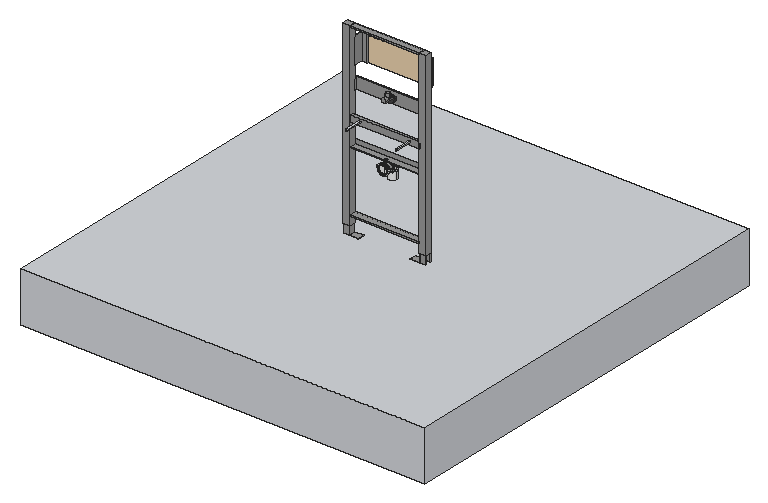
Revit family "Multibrand_Prosys_R0163_BIM_NN", category Plumbing Fixtures, host Face, Revit 2017
Family settings
  Host = Face
  Round Connector Dimension = Use Diameter
  Part Type = Normal
  OmniClass Number = 23.45.05.21.11.11
  OmniClass Title = Water Operated Water Closets
  Cut with Voids When Loaded = No
  Shared = Yes
  Room Calculation Point = No
Parameters (values of type "R016367 - PROSYS UNIVERSAL URINAL FRAME")
  Wisselstukken = "n/a"
  Werkdruk = "n/a"
  WaterEfficientProduct = no
  WaarborgGarantieInstallatie = "n/a"
  WRAS = no
  WFU = 0
  Vorm = "n/a"
  Volumeunits = "Litres"
  Verwachtelevensduur = "5"
  Vervangingskosten = 0
  Versie = "1"
  ValutaEenheid = "n/a"
  Urlproducent = "https://www.idealstandard.de/de/products"
  UrinoirType = "n/a"
  Uniclass2015Referentie = "Pr_40_20_93_97"
  Uniclass2015Reference = "n/a"
  Uniclass2015Description = "WC cistern fittings"
  Uniclass2015Beschrijving = "n/a"
  Uniclass2 = "Pr_40_20_93_89"
  URL = "https://www.idealstandard.de/de/products"
  Typewastafel = "n/a"
  TypespoelingWC = "n/a"
  Typekraanwerk = "n/a"
  Typeconnectie = "n/a"
  Typebad = "n/a"
  TypeWC = "n/a"
  Type Comments = "n/a"
  Toepassing = ""
  Testdruk = "n/a"
  Telefoonnummer = "+49 (0) 6571 16 0"
  Sluitingspatroon = "n/a"
  Revision = "n/a"
  Revisie = "n/a"
  Referentie = ""
  Productinformatie = "https://www.idealstandard.de/profibereich"
  ProductSoort = ""
  Overloop = 0 mm
  OppervlakteEenheid = "mm"
  OppervlakteAfmeting = "n/a"
  Ophangingwastafel = "n/a"
  Normen = "n/a"
  Nettogewicht = 12
  NBSTypeID = "n/a"
  NBSReference = "45-30-70/387"
  NBSOfficeMasterTag = "n/a"
  NBSNote = "n/a"
  NBSDescription = "WC cistern fittings"
  NBSCertification = "n/a"
  Montageinstuctie = "https://www.idealstandard.de/profibereich"
  Model = "R016367"
  Merk = "Ideal Standard"
  MateriaalWC = "n/a"
  MateriaalUrinoir = "n/a"
  Materiaal = "Metal"
  Manufacturer = "Productinfo@thebluebook.co.uk"
  Lengte = 0 mm
  Kwaliteitsgraad = "n/a"
  Kleurwc = "n/a"
  KleurUrinoir = "n/a"
  Kleur = "Light grey"
  Klepmechanisme = "n/a"
  Keynote = "n/a"
  Installatieinstructies = "https://www.idealstandard.de/profibereich"
  Hulp = "https://www.idealstandard.de/unternehmen"
  Hoogte = ""
  HeightFrame [instance] = if(HeightAdjust < 0 mm, 0 mm, (if(HeightAdjust > 200 mm, 200 mm, HeightAdjust)))  # 50 mm
  HeightAdjust [instance] = 50 mm
  Heefthandvaten = no
  HWFU = 0
  GrootteAfvoergat = 0
  GemaaktOp = "n/a"
  Garantieunits = "Year"
  Garantieonderdelen = "n/a"
  GarantieduurInstallatie = "n/a"
  Functiekraanwerk = "n/a"
  Functieindoucheruimte = "n/a"
  Eigenschappen = "n/a"
  ECA = no
  Duurzaamheid = "n/a"
  DuurEenheid = "year"
  Douchebak = no
  Doorstromingscoëfficiënt = "n/a"
  Distributeur = "n/a"
  DikteMateriaal = "n/a"
  Diepte = 0 mm
  Description = "Urinal - Universal frame (can be adapted to easy servicing)"
  Default Elevation = 0 mm
  Debiet = ""
  Cost = 0
  CWFU = 0
  BrutoGewicht = 0
  Breedte = 0
  BimObjectNaam = "Multibrand_Ideal Standard_WC cistern fittings_Prosys_R016367"
  Bestanddelen = "n/a"
  Beschrijvinggarantie = "Manufacturers Warranty"
  Beschrijvingdouchekop = "n/a"
  BeschrijvingBovenkantKraan = "n/a"
  Bedieningkraanwerk = "n/a"
  Bedieningkraan = "n/a"
  Barrièrevrijwonen = "n/a"
  Barcode = "3391500580961"
  BREEAMApproved = no
  Auteur = "Ideal Standrad"
  Assembly Code = "C1030200"
  Artikelreferentie = "1"
  Artikelomschrijving = "Duschplatz-Element PROSYS, für Aufputz oder Unterputz-Armatur"
  Artikelnummer = "R016367"
  Afwerking = "Light grey"
  AfstandsEenheid = "millimeters"
  AfsluitNiveau = "n/a"
  Afmetingen = "500 x 1080 x 109 mm"
  AccessibilityPerformance = "n/a"
  Accesoires = ""
Reference planes
  plane 1 "Center (Front/Back)": y = 0
  plane 2: z = 0
  plane 3 "Center (Left/Right)": x = 0
  plane 4: y = 0
  plane 5: z = 0
  plane 6: z = 52
  plane 7: z = 2
Forms (mm)
  Extrusion 1, solid
    sketch origin (0, 0, 0) x (1, 0, 0) y (0, 1, 0)
      loop
        line (-1219.2, 1219.2) -> (-1219.2, -1219.2) -> (1219.2, -1219.2) -> (1219.2, 1219.2) -> (-1219.2, 1219.2)
    from 0 to -304.8
  Extrusion 2, solid, material "Stainless Steel, Brushed"
    sketch origin (-1524.036, 0, 0) x (1, 0, 0) y (0, 1, 0)
      loop
        line (1310.5, 36) -> (1310.5, 4) -> (1276.5, 4) -> (1276.5, 2) -> (1312.5, 2) -> (1312.5, 38) -> (1276.5, 38) -> (1276.5, 36) -> (1310.5, 36)
      loop
        line (1737.5, 36) -> (1771.5, 36) -> (1771.5, 38) -> (1735.5, 38) -> (1735.5, 2) -> (1771.5, 2) -> (1771.5, 4) -> (1737.5, 4) -> (1737.5, 36)
    from 0 to 52
  Extrusion 3, solid, material "Stainless Steel, Brushed"
    sketch origin (-1524.036, 0, 0) x (1, 0, 0) y (0, 1, 0)
      loop
        line (1367.5, 0) -> (1367.5, 40) -> (1310.5, 40) -> (1310.5, 0) -> (1367.5, 0)
      loop
        line (1680.5, 0) -> (1737.5, 0) -> (1737.5, 40) -> (1680.5, 40) -> (1680.5, 0)
    from 0 to 2
Dimensions and locks
  locked: plane 7 to Extrusion 1 at 2
  "HeightFrame": plane 6 to plane 7
  nested 1 to plane 6 = 1080 mm
  nested 1 to nested 1 = 500 mm
  nested 1 to plane 4 = 109 mm
  aligned and locked: plane 2 to Extrusion 1
  aligned and locked: level to Extrusion 1
  aligned and locked: plane 6 to Extrusion 2
  aligned and locked: plane 3 "Center (Left/Right)" to nested 1
Automatic sketch dimensions
  Extrusion 1 sketch curve to Extrusion 1 sketch curve = 2438.4 mm  (x2)
  Extrusion 2 sketch curve to plane 1 "Center (Front/Back)" = 4 mm  (x2)
  Extrusion 2 sketch curve to plane 3 "Center (Left/Right)" = 247.536 mm
  Extrusion 2 sketch curve to Extrusion 2 sketch curve = 0 mm  (x2)
  Extrusion 2 sketch curve to Extrusion 2 sketch curve = 34 mm  (x2)
  Extrusion 2 sketch curve to Extrusion 2 sketch curve = 2 mm  (x4)
  Extrusion 2 sketch curve to plane 1 "Center (Front/Back)" = 38 mm
  plane 3 "Center (Left/Right)" to Extrusion 2 sketch curve = 211.464 mm
  Extrusion 2 sketch curve to plane 1 "Center (Front/Back)" = 2 mm  (x2)
  Extrusion 2 sketch curve to Extrusion 2 sketch curve = 32 mm
  plane 1 "Center (Front/Back)" to Extrusion 3 sketch curve = 0 mm  (x2)
  Extrusion 3 sketch curve to plane 1 "Center (Front/Back)" = 40 mm  (x2)
  Extrusion 3 sketch curve to plane 3 "Center (Left/Right)" = 213.536 mm
  Extrusion 3 sketch curve to Extrusion 3 sketch curve = 57 mm  (x2)
  plane 3 "Center (Left/Right)" to Extrusion 3 sketch curve = 156.464 mm
Nested families
  nested 1: "urinal_2_se42_frame" at (0, 0, 52), type "urinal_2_se42_frame"
Connectors
  piping at (0.023, 64.5, 356.9), diameter 50
    settings: on nested 1, index 1, connector inside diameter 24", connector length 0 mm, flow factor 0, pipe flow 0 GPM, pressure drop 0.00 psi, fitting loss kfactor 0, connector angle 0.00°, fixture units 0, engagement length 0 mm, angle of deflection 0.00°, flow configuration 2, flow direction 2, fitting loss method 0, system type 16, joint type 0, gender type 0, connector reference index -1, connector utility 0, adjustable connector no, is connector primary yes, connector description ""
  piping at (0.023, 27.032, 832), diameter 21
    settings: on nested 1, index 2, connector inside diameter 24", connector length 0 mm, flow factor 0, pipe flow 0 GPM, pressure drop 0.00 psi, fitting loss kfactor 0, connector angle 0.00°, fixture units 0, engagement length 0 mm, angle of deflection 0.00°, flow configuration 2, flow direction 1, fitting loss method 0, system type 20, joint type 0, gender type 0, connector reference index -1, connector utility 0, adjustable connector no, is connector primary no, connector description ""
  piping at (0.023, -2, 802), diameter 21
    settings: on nested 1, index 3, connector inside diameter 24", connector length 0 mm, flow factor 0, pipe flow 0 GPM, pressure drop 0.00 psi, fitting loss kfactor 0, connector angle 0.00°, fixture units 0, engagement length 0 mm, angle of deflection 0.00°, flow configuration 2, flow direction 2, fitting loss method 0, system type 20, joint type 0, gender type 0, connector reference index -1, connector utility 0, adjustable connector no, is connector primary no, connector description ""
Definition of nested family "urinal_2_se42_frame"
  Parameters (values of type "urinal_2_se42_frame")
    Default Elevation = 1219.2 mm
  Reference planes
    plane 1 "Center (Front/Back)": y = 0
    plane 2: z = 0
    plane 3 "Center (Left/Right)": x = 0
    plane 4: z = 820
  Forms (mm)
    Extrusion 1, solid
      sketch origin (0, 0, 0) x (1, 0, 0) y (0, 1, 0)
        loop
          line (-1219.2, 1219.2) -> (-1219.2, -1219.2) -> (1219.2, -1219.2) -> (1219.2, 1219.2) -> (-1219.2, 1219.2)
      from 0 to -304.8
    Extrusion 2, solid
      sketch origin (-249.977, 30.48, 0) x (-1, 0, 0) y (0, -1, 0)
        loop
          line (-500, 30.48) -> (-500, -9.52) -> (-460, -9.52) -> (-460, 30.48) -> (-500, 30.48)
        loop
          line (0, 30.48) -> (-40, 30.48) -> (-40, -9.52) -> (0, -9.52) -> (0, 30.48)
      from 0 to 1080
    Extrusion 3, solid
      sketch origin (0.023, -1524, -70) x (0, 1, 0) y (0, 0, 1)
        loop
          line (1564, 1150) -> (1524, 1150) -> (1524, 1142) -> (1525.5, 1142) -> (1525.5, 1148.5) -> (1562.5, 1148.5) -> (1562.5, 1142) -> (1564, 1142) -> (1564, 1150)
      from -210 to 210
    Extrusion 4, solid
      sketch origin (-209.977, 30.48, 850) x (-1, 0, 0) y (0, -1, 0)
        loop
          line (-385, -59.52) -> (-418.5, -59.52) -> (-418.5, -9.52) -> (-457.5, -9.52) -> (-457.5, -11.02) -> (-421.5, -11.02) -> (-421.5, -61.02) -> (-385, -61.02) -> (-385, -59.52)
        loop
          line (-35, -59.52) -> (-35, -61.02) -> (1.5, -61.02) -> (1.5, -11.02) -> (37.5, -11.02) -> (37.5, -9.52) -> (-1.5, -9.52) -> (-1.5, -59.52) -> (-35, -59.52)
      from 0 to 160
    Extrusion 5, solid
      sketch origin (0.023, 109, 930) x (0, 0, -1) y (-1, 0, 0)
        loop
          line (-75, 207.5) -> (-75, -207.5) -> (75, -207.5) -> (75, 207.5) -> (-75, 207.5)
      from 0 to -17.5
    Extrusion 6, solid
      sketch origin (0.023, -1524, -70) x (0, 1, 0) y (0, 0, 1)
        loop
          line (1576.5, 786.5) -> (1576.5, 853.5) -> (1585, 853.5) -> (1585, 855) -> (1575, 855) -> (1575, 785) -> (1585, 785) -> (1585, 786.5) -> (1576.5, 786.5)
      from -210 to 210
    Extrusion 7, solid
      sketch origin (0.023, -1524, -70) x (0, 1, 0) y (0, 0, 1)
        loop
          line (1526, 670) -> (1526, 630) -> (1541, 630) -> (1541, 632) -> (1528, 632) -> (1528, 668) -> (1541, 668) -> (1541, 670) -> (1526, 670)
      from -210 to 211.5
    Extrusion 8, solid
      sketch origin (0.023, -1524, -70) x (0, 1, 0) y (0, 0, 1)
        loop
          line (1565.5, 526) -> (1564, 526) -> (1564, 496) -> (1525.5, 496) -> (1525.5, 494.5) -> (1565.5, 494.5) -> (1565.5, 526)
      from -247 to 247.5
    Extrusion 9, solid
      sketch origin (0.023, -1524, -70) x (0, 1, 0) y (0, 0, 1)
        loop
          line (1562.5, 128.5) -> (1562.5, 122) -> (1564, 122) -> (1564, 130) -> (1524, 130) -> (1524, 122) -> (1525.5, 122) -> (1525.5, 128.5) -> (1562.5, 128.5)
      from -210 to 210
    Sweep 10, solid
      path origin (0.023, -1524, -70) x (0, 1, 0) y (0, 0, 1)
        loop
          line (1551.999, 449.9) -> (1561.729, 449.9)
          arc (1561.729, 449.9) -> (1580.659, 442.059) -> (1588.5, 423.129) r 26.771
          line (1588.5, 423.129) -> (1588.5, 374.9)
      profile origin (0.023, 32.864, 379.9) x (0, 0, 1) y (1, 0, 0)
        loop
          circle (0, 0) r 25
    Revolve 11, solid
      sketch origin (0.023, -1524, -70) x (0, 1, 0) y (0, 0, 1)
        loop
          line (1562.312, 474.687) -> (1551.032, 477.499) -> (1525, 477.499) -> (1525, 480.023)
          arc (1525, 480.023) -> (1524.368, 481.549) -> (1522.841, 482.182) r 2.159
          line (1522.841, 482.182) -> (1514.31, 482.182)
          arc (1514.31, 482.182) -> (1512.677, 481.505) -> (1512, 479.872) r 2.31
          line (1512, 479.872) -> (1512, 475.977) -> (1517, 475.977) -> (1517, 449.9) -> (1562.312, 449.9) -> (1562.312, 474.687)
        axis (1512, 449.9) -> (1562.312, 449.9)
      angle from 0 to 360
    Extrusion 12, solid
      sketch origin (0.023, 23.35, 379.9) x (0, 0, -1) y (-1, 0, 0)
        loop
          line (-4, 46.489) -> (-4, 29.322)
          arc (-4, 29.322) -> (-22.295, 19.46) -> (-29.593, 0) r 29.593
          arc (-29.593, 0) -> (-22.295, -19.46) -> (-4, -29.322) r 29.593
          line (-4, -29.322) -> (-4, -46.489) -> (-2.5, -46.489) -> (-2.5, -29.488) -> (-2.5, -28.005)
          arc (-2.5, -28.005) -> (-20.746, -18.977) -> (-28.116, 0) r 28.116
          arc (-28.116, 0) -> (-20.746, 18.977) -> (-2.5, 28.005) r 28.116
          line (-2.5, 28.005) -> (-2.5, 29.488) -> (-2.5, 46.489) -> (-4, 46.489)
        loop
          line (4, 46.489) -> (2.5, 46.489) -> (2.5, 29.488) -> (2.5, 28.005)
          arc (2.5, 28.005) -> (20.746, 18.977) -> (28.116, 0) r 28.116
          arc (28.116, 0) -> (20.746, -18.977) -> (2.5, -28.005) r 28.116
          line (2.5, -28.005) -> (2.5, -29.488) -> (2.5, -46.489) -> (4, -46.489) -> (4, -29.322)
          arc (4, -29.322) -> (22.295, -19.46) -> (29.593, 0) r 29.593
          arc (29.593, 0) -> (22.295, 19.46) -> (4, 29.322) r 29.593
          line (4, 29.322) -> (4, 46.489)
      from 0 to -20.2
    Extrusion 13, solid
      sketch origin (16.432, -30.48, 424.5) x (1, 0, 0) y (0, 1, 0)
        loop
          line (-8.961, 43.73) -> (-12.685, 50.18) -> (-20.133, 50.18) -> (-23.857, 43.73) -> (-20.133, 37.28) -> (-12.685, 37.28) -> (-8.961, 43.73)
      from 0 to -15
    Extrusion 14, solid
      sketch origin (0.023, 2, 596) x (0, 0, -1) y (1, 0, 0)
        loop
          circle (15.987, -149.993) r 4.504
        loop
          circle (15.987, 149.993) r 4.504
      from 0 to 100
    Extrusion 15, solid
      sketch origin (0.023, 51, 718) x (0, 0, 1) y (-1, 0, 0)
        loop
          line (44.5, 13) -> (41.502, 30) -> (32, 30)
          arc (32, 30) -> (2, 0) -> (32, -30) r 30
          line (32, -30) -> (41.502, -30) -> (44.5, -13) -> (32, -13)
          arc (32, -13) -> (19, 0) -> (32, 13) r 13
          line (32, 13) -> (44.5, 13)
      from 0 to 11
    Extrusion 16, solid
      sketch origin (0.023, 51, 718) x (0, 0, 1) y (-1, 0, 0)
        loop
          circle (32, 0) r 13
      from 0 to 53
    Extrusion 17, solid
      sketch origin (13.023, 30.48, 750) x (0, -1, 0) y (-1, 0, 0)
        loop
          circle (3.448, 13) r 11.012
      from 0 to -30
    Extrusion 18, solid
      sketch origin (-210.727, 44.75, 718) x (0, 1, 0) y (-1, 0, 0)
        loop
          line (-3.25, 0.75) -> (-3.25, 36.75) -> (-4.75, 36.75) -> (-4.75, -0.75) -> (7.75, -0.75) -> (7.75, 0.75) -> (-3.25, 0.75)
        loop
          line (-3.25, -422.25) -> (7.75, -422.25) -> (7.75, -420.75) -> (-4.75, -420.75) -> (-4.75, -458.25) -> (-3.25, -458.25) -> (-3.25, -422.25)
      from 0 to 64
    Revolve 19, solid
      sketch origin (0.023, -1524, -70) x (0, 1, 0) y (0, 0, 1)
        loop
          line (1514.065, 473.752) -> (1514.065, 475.977) -> (1512, 475.977) -> (1512, 474.962) -> (1514.065, 473.752)
        axis (1512, 449.9) -> (1514.065, 449.9)
      angle from 0 to 360
  Dimensions and locks
    aligned and locked: plane 2 to Extrusion 1
    aligned and locked: level to Extrusion 1
